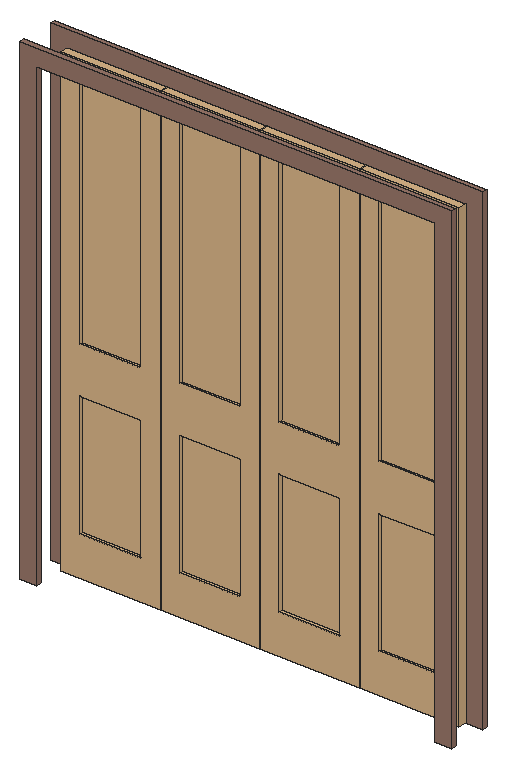
Revit family
Parameters (values of type "1830 x 2134mm")
  Thickness = 44 mm
  Assembly Code = ""
  Description = ""
  문 재료 = 문 - 패널
  프레임 재료 = 문 - 프레임
  Height = 2134 mm
  자르기 폭 = 76 mm
  Wall Closure = (empty or 0)
  Width = 1830 mm
Types (4, lengths in mm): name | Height | Width
  1220 x 2134mm | 2134 | 1220
  1525 x 2134mm | 2134 | 1525
  1830 x 2134mm | 2134 | 1830
  1830 x 2032mm | 2032 | 1830
Reference planes
  plane 1: y = 0
  plane 2 "중심": x = 0
  plane 3 "왼쪽": x = -915
  plane 4 "오른쪽": x = 915
  plane 5 "상단": z = 2134
  plane 6: x = -457.5
  plane 7: x = 457.5
  plane 8: z = 1067
  plane 9: x = -508.3
  plane 10: x = -101.6
  plane 11: y = 76.2
  plane 12: x = 101.6
  plane 13: x = 508.3
  plane 14: y = 38.1
  plane 15: y = -101.6
  plane 16: y = -76.2
  plane 17: y = 101.6
  plane 18: z = 184.15
  plane 19: z = 2051.45
  plane 20: z = 749.3
  plane 21: z = 965.2
  plane 22: x = 826.1
  plane 23: x = 546.4
  plane 24: x = 88.9
  plane 25: x = 368.6
  plane 26: x = -88.9
  plane 27: x = -368.6
  plane 28: x = -546.4
  plane 29: x = -826.1
  plane 30: y = 63.5
  plane 31: y = 50.8
Forms (mm)
  Extrusion 1, solid, material "문 - 패널" <- "문 재료"
    sketch origin (-1524, 76.2, 0) x (-1, 0, 0) y (0, 0, 1)
      loop
        line (-2439, 0) -> (-1981.5, 0) -> (-1981.5, 2134) -> (-2439, 2134) -> (-2439, 0)
      loop
        line (-2350.1, 2051.45) -> (-2350.1, 965.2) -> (-2070.4, 965.2) -> (-2070.4, 2051.45) -> (-2350.1, 2051.45)
      loop
        line (-2350.1, 749.3) -> (-2350.1, 184.15) -> (-2070.4, 184.15) -> (-2070.4, 749.3) -> (-2350.1, 749.3)
    from 0 to -38.1
  Extrusion 2, solid, material "문 - 패널" <- "문 재료"
    sketch origin (-1524, 76.2, 0) x (-1, 0, 0) y (0, 0, 1)
      loop
        line (-1981.5, 0) -> (-1524, 0) -> (-1524, 2134) -> (-1981.5, 2134) -> (-1981.5, 0)
      loop
        line (-1892.6, 2051.45) -> (-1892.6, 965.2) -> (-1612.9, 965.2) -> (-1612.9, 2051.45) -> (-1892.6, 2051.45)
      loop
        line (-1892.6, 749.3) -> (-1892.6, 184.15) -> (-1612.9, 184.15) -> (-1612.9, 749.3) -> (-1892.6, 749.3)
    from 0 to -38.1
  Extrusion 3, solid, material "문 - 패널" <- "문 재료"
    sketch origin (-1524, 76.2, 0) x (-1, 0, 0) y (0, 0, 1)
      loop
        line (-1524, 0) -> (-1066.5, 0) -> (-1066.5, 2134) -> (-1524, 2134) -> (-1524, 0)
      loop
        line (-1435.1, 2051.45) -> (-1435.1, 965.2) -> (-1155.4, 965.2) -> (-1155.4, 2051.45) -> (-1435.1, 2051.45)
      loop
        line (-1435.1, 749.3) -> (-1435.1, 184.15) -> (-1155.4, 184.15) -> (-1155.4, 749.3) -> (-1435.1, 749.3)
    from 0 to -38.1
  Extrusion 4, solid, material "문 - 패널" <- "문 재료"
    sketch origin (-1524, 76.2, 0) x (-1, 0, 0) y (0, 0, 1)
      loop
        line (-1066.5, 0) -> (-609, 0) -> (-609, 2134) -> (-1066.5, 2134) -> (-1066.5, 0)
      loop
        line (-977.6, 2051.45) -> (-977.6, 965.2) -> (-697.9, 965.2) -> (-697.9, 2051.45) -> (-977.6, 2051.45)
      loop
        line (-977.6, 749.3) -> (-977.6, 184.15) -> (-697.9, 184.15) -> (-697.9, 749.3) -> (-977.6, 749.3)
    from 0 to -38.1
  Extrusion 5, solid, material "문 - 프레임" <- "프레임 재료"
    sketch origin (-1524, 76.2, 0) x (-1, 0, 0) y (0, 0, 1)
      loop
        line (-2515, 2210) -> (-2515, 0) -> (-2439, 0) -> (-2439, 2134) -> (-609, 2134) -> (-609, 0) -> (-533, 0) -> (-533, 2210) -> (-2515, 2210)
    from 0 to 25.4
  Extrusion 6, solid, material "문 - 프레임" <- "프레임 재료"
    sketch origin (-1524, -76.2, 0) x (-1, 0, 0) y (0, 0, -1)
      loop
        line (-2515, -2210) -> (-533, -2210) -> (-533, 0) -> (-609, 0) -> (-609, -2134) -> (-2439, -2134) -> (-2439, 0) -> (-2515, 0) -> (-2515, -2210)
    from 25.4 to 0
  Extrusion 7, solid, material "문 - 패널" <- "문 재료"
    sketch origin (-1524, 76.2, 0) x (-1, 0, 0) y (0, 0, 1)
      loop
        line (-2350.1, 2051.45) -> (-2350.1, 965.2) -> (-2070.4, 965.2) -> (-2070.4, 2051.45) -> (-2350.1, 2051.45)
      loop
        line (-2350.1, 749.3) -> (-2350.1, 184.15) -> (-2070.4, 184.15) -> (-2070.4, 749.3) -> (-2350.1, 749.3)
      loop
        line (-1892.6, 2051.45) -> (-1892.6, 965.2) -> (-1612.9, 965.2) -> (-1612.9, 2051.45) -> (-1892.6, 2051.45)
      loop
        line (-1892.6, 749.3) -> (-1892.6, 184.15) -> (-1612.9, 184.15) -> (-1612.9, 749.3) -> (-1892.6, 749.3)
      loop
        line (-1435.1, 749.3) -> (-1435.1, 184.15) -> (-1155.4, 184.15) -> (-1155.4, 749.3) -> (-1435.1, 749.3)
      loop
        line (-1155.4, 2051.45) -> (-1435.1, 2051.45) -> (-1435.1, 965.2) -> (-1155.4, 965.2) -> (-1155.4, 2051.45)
      loop
        line (-697.9, 2051.45) -> (-977.6, 2051.45) -> (-977.6, 965.2) -> (-697.9, 965.2) -> (-697.9, 2051.45)
      loop
        line (-697.9, 749.3) -> (-977.6, 749.3) -> (-977.6, 184.15) -> (-697.9, 184.15) -> (-697.9, 749.3)
    from -25.4 to -12.7
Lines and regions (mm)
  Opening 1
    outline origin (-2286, -76.2, 0) x (1, 0, 0) y (0, 0, 1)
      loop
        line (1371, 0) -> (3201, 0) -> (3201, 2134) -> (1371, 2134) -> (1371, 0)
  symbolic lines, style "InvisibleLines", detail levels coarse
    curve 1: line (-915, 76.2, 0) -> (-508.3, 289.287, 0)
    curve 2: line (-508.3, 289.287, 0) -> (-101.6, 76.2, 0)
    curve 11: line (508.407, 289.287, 0) -> (912.726, 77.447, 0)
    curve 15: line (508.193, 289.287, 0) -> (101.493, 76.2, 0)
  symbolic lines, style "DoorsPanelProjection"
    curve 3: line (-914.893, 76.002, 0) -> (-528.737, 321.442, 0)
    curve 4: line (-894.456, 43.847, 0) -> (-914.893, 76.002, 0)
    curve 5: line (-508.3, 289.287, 0) -> (-894.456, 43.847, 0)
    curve 6: line (-528.737, 321.442, 0) -> (-508.3, 289.287, 0)
    curve 7: line (-101.707, 76.002, 0) -> (-487.863, 321.442, 0)
    curve 8: line (-122.144, 43.847, 0) -> (-101.707, 76.002, 0)
    curve 9: line (-508.3, 289.287, 0) -> (-122.144, 43.847, 0)
    curve 10: line (-487.863, 321.442, 0) -> (-508.3, 289.287, 0)
    curve 12: line (912.726, 77.447, 0) -> (528.844, 321.442, 0)
    curve 13: line (508.407, 289.287, 0) -> (894.563, 43.847, 0)
    curve 14: line (528.844, 321.442, 0) -> (508.407, 289.287, 0)
    curve 16: line (101.6, 76.002, 0) -> (487.756, 321.442, 0)
    curve 17: line (122.037, 43.847, 0) -> (101.6, 76.002, 0)
    curve 18: line (508.193, 289.287, 0) -> (122.037, 43.847, 0)
    curve 19: line (487.756, 321.442, 0) -> (508.193, 289.287, 0)
    curve 20: line (894.563, 43.847, 0) -> (912.726, 77.447, 0)
  symbolic lines, style "입면도 스윙"
    curve 21: line (0, 0, 2134) -> (-457.5, 0, 1067)
    curve 22: line (-457.5, 0, 1067) -> (0, 0, 0)
    curve 23: line (0, 0, 0) -> (457.5, 0, 1067)
    curve 24: line (0, 0, 2134) -> (457.5, 0, 1067)
    curve 25: line (-457.5, 0, 2134) -> (-915, 0, 1067)
    curve 26: line (-457.5, 0, 0) -> (-915, 0, 1067)
    curve 27: line (457.5, 0, 2134) -> (915, 0, 1067)
    curve 28: line (457.5, 0, 0) -> (915, 0, 1067)
Text (mm)
  text "외부" at (-1490.41, 656.754, 0), in view "바닥 선"
  text "내부" at (-1482.03, -412.535, 0), in view "바닥 선"
  text "외부" at (0, 1019.848, 3124.603), in view "오른쪽"
  text "내부" at (0, -1635.541, 3124.603), in view "오른쪽"
  text "내부" at (0, -787.806, 3124.376), in view "왼쪽"
  text "외부" at (0, 1386.095, 3124.376), in view "왼쪽"
Dimensions and locks
  "Height": host wall to plane 5 "상단"
  "자르기 폭": Extrusion 5 sketch curve to Extrusion 1
  "자르기 폭": Extrusion 5 sketch curve to Extrusion 5 sketch curve
  "자르기 폭": Extrusion 5 sketch curve to Extrusion 4
  "자르기 폭": Extrusion 6 sketch curve to Extrusion 6 sketch curve
  locked: plane 10 to plane 2 "중심" at 101.6
  locked: plane 2 "중심" to plane 12 at 101.6
  "Width": plane 3 "왼쪽" to plane 4 "오른쪽"
  locked: plane 15 to host wall at 25.4
  locked: plane 14 to plane 11 at 38.1
  locked: plane 17 to plane 11 at 25.4
  "자르기 폭": plane 4 "오른쪽" to Extrusion 6 sketch curve
  "자르기 폭": plane 3 "왼쪽" to Extrusion 6 sketch curve
  equal spacing: plane 3 "왼쪽", plane 9, plane 10
  equal spacing: plane 12, plane 13, plane 4 "오른쪽"
  equal spacing: plane 3 "왼쪽", plane 6, plane 2 "중심", plane 7, plane 4 "오른쪽"
  level to plane 18 to plane 20 to plane 21 = 184.15 mm, 565.15 mm, 215.9 mm
  plane 19 to plane 5 "상단" = 82.55 mm
  plane 4 "오른쪽" to plane 22 = 88.9 mm
  plane 23 to plane 7 = 88.9 mm
  plane 7 to plane 25 = 88.9 mm
  plane 24 to plane 2 "중심" = 88.9 mm
  plane 2 "중심" to plane 26 = 88.9 mm
  plane 27 to plane 6 = 88.9 mm
  plane 6 to plane 28 = 88.9 mm
  plane 29 to plane 3 "왼쪽" = 88.9 mm
  locked: plane 11 to host wall at 0
  plane 14 to plane 31 to plane 30 to Extrusion 4 = 12.7 mm, 12.7 mm, 12.7 mm
  equal spacing: level, plane 8, plane 5 "상단"
  aligned and locked: plane 3 "왼쪽" to Opening 1 sketch curve
  aligned and locked: plane 5 "상단" to Opening 1 sketch curve  (x2)
  aligned and locked: Opening 1 sketch curve to plane 4 "오른쪽"
  aligned and locked: Opening 1 sketch curve to level
  aligned and locked: Extrusion 5 sketch curve to plane 5 "상단"
  aligned and locked: Extrusion 5 sketch curve to host wall
  aligned and locked: plane 15 to Extrusion 6
  aligned and locked: Extrusion 6 to host wall
  aligned and locked: plane 16 to host wall
  aligned and locked: plane 17 to Extrusion 5
  aligned and locked: Extrusion 5 to host wall
  aligned and locked: Extrusion 7 sketch curve to Extrusion 1  (x3)
  aligned and locked: Extrusion 7 sketch curve to Extrusion 2  (x4)
  aligned and locked: Extrusion 7 sketch curve to Extrusion 3  (x4)
  aligned and locked: Extrusion 7 sketch curve to Extrusion 4  (x2)
  aligned and locked: Extrusion 7 to plane 30
  aligned and locked: plane 31 to Extrusion 7
  aligned and locked: Extrusion 4 to plane 14
  aligned and locked: plane 14 to Extrusion 3
  aligned and locked: plane 14 to Extrusion 2
  aligned and locked: plane 14 to Extrusion 1
Automatic sketch dimensions
  Extrusion 5 sketch curve to level = 0 mm  (x2)
  Extrusion 5 sketch curve to plane 3 "왼쪽" = 0 mm
  Extrusion 6 sketch curve to level = 0 mm  (x2)
  Extrusion 6 sketch curve to plane 4 "오른쪽" = 0 mm
  Extrusion 6 sketch curve to plane 3 "왼쪽" = 0 mm
  Extrusion 6 sketch curve to plane 5 "상단" = 0 mm
  Extrusion 1 sketch curve to level = 0 mm
  Extrusion 1 sketch curve to plane 4 "오른쪽" = 0 mm
  Extrusion 1 sketch curve to plane 20 = 0 mm
  Extrusion 1 sketch curve to plane 22 = 0 mm  (x2)
  Extrusion 1 sketch curve to plane 18 = 0 mm
  Extrusion 1 sketch curve to plane 19 = 0 mm
  Extrusion 1 sketch curve to plane 23 = 0 mm  (x2)
  Extrusion 1 sketch curve to plane 7 = 0 mm
  Extrusion 1 sketch curve to plane 21 = 0 mm
  Extrusion 1 sketch curve to plane 5 "상단" = 0 mm
  Extrusion 2 sketch curve to level = 0 mm
  Extrusion 2 sketch curve to plane 7 = 0 mm
  Extrusion 2 sketch curve to plane 2 "중심" = 0 mm
  Extrusion 2 sketch curve to plane 5 "상단" = 0 mm
  Extrusion 3 sketch curve to level = 0 mm
  Extrusion 3 sketch curve to plane 2 "중심" = 0 mm
  Extrusion 3 sketch curve to plane 6 = 0 mm
  Extrusion 3 sketch curve to plane 5 "상단" = 0 mm
  Extrusion 4 sketch curve to level = 0 mm
  Extrusion 4 sketch curve to plane 6 = 0 mm
  Extrusion 4 sketch curve to plane 21 = 0 mm
  Extrusion 4 sketch curve to plane 28 = 0 mm  (x2)
  Extrusion 4 sketch curve to plane 19 = 0 mm
  Extrusion 4 sketch curve to plane 29 = 0 mm  (x2)
  Extrusion 4 sketch curve to plane 3 "왼쪽" = 0 mm
  Extrusion 4 sketch curve to plane 5 "상단" = 0 mm
  Extrusion 7 sketch curve to plane 18 = 0 mm  (x4)
  Extrusion 7 sketch curve to plane 28 = 0 mm  (x2)
  Extrusion 7 sketch curve to plane 29 = 0 mm  (x2)
  Extrusion 7 sketch curve to plane 20 = 0 mm  (x4)
  Extrusion 2 sketch curve to plane 18 = 0 mm
  Extrusion 2 sketch curve to plane 25 = 0 mm  (x2)
  Extrusion 2 sketch curve to plane 20 = 0 mm
  Extrusion 2 sketch curve to plane 24 = 0 mm  (x2)
  Extrusion 2 sketch curve to plane 21 = 0 mm
  Extrusion 3 sketch curve to plane 18 = 0 mm
  Extrusion 3 sketch curve to plane 26 = 0 mm  (x2)
  Extrusion 3 sketch curve to plane 20 = 0 mm
  Extrusion 3 sketch curve to plane 27 = 0 mm  (x2)
  Extrusion 3 sketch curve to plane 21 = 0 mm
  Extrusion 4 sketch curve to plane 18 = 0 mm
  Extrusion 4 sketch curve to plane 20 = 0 mm
  Extrusion 7 sketch curve to plane 19 = 0 mm
  Extrusion 7 sketch curve to plane 22 = 0 mm
  Extrusion 7 sketch curve to plane 21 = 0 mm
  Extrusion 2 sketch curve to plane 19 = 0 mm
  Extrusion 7 sketch curve to plane 25 = 0 mm
  Extrusion 7 sketch curve to plane 24 = 0 mm
  Extrusion 3 sketch curve to plane 19 = 0 mm
  Extrusion 7 sketch curve to plane 26 = 0 mm
  Extrusion 7 sketch curve to plane 27 = 0 mm
  curve 1 to host wall = 0 mm
  curve 1 to plane 3 "왼쪽" = 0 mm
  curve 5 to plane 9 = 0 mm
  curve 2 to host wall = 0 mm
  curve 2 to plane 10 = 0 mm
  curve 15 to host wall = 0 mm
  curve 16 to plane 12 = 0 mm
  curve 4 to plane 3 "왼쪽" = 0.107 mm
  curve 5 to plane 14 = 5.747 mm
  curve 5 to plane 3 "왼쪽" = 20.544 mm
  curve 7 to plane 9 = 20.437 mm
  curve 9 to plane 14 = 5.747 mm
  plane 10 to curve 9 = 20.544 mm
  plane 12 to curve 15 = 0.107 mm
  curve 18 to plane 14 = 5.747 mm
  curve 18 to plane 12 = 20.437 mm
  plane 13 to curve 19 = 20.544 mm
  curve 13 to plane 13 = 0.107 mm
  curve 12 to plane 23 = 17.556 mm
  curve 20 to plane 14 = 5.747 mm
  plane 4 "오른쪽" to curve 20 = 20.437 mm
  curve 13 to plane 14 = 5.747 mm
  curve 13 to curve 20 = 0 mm
  host wall to curve 11 = 1.247 mm
  plane 4 "오른쪽" to curve 11 = 2.274 mm
  curve 20 to curve 11 = 0 mm  (x2)
  curve 4 to host wall = 0.198 mm
  curve 16 to host wall = 0.198 mm
  curve 25 to plane 5 "상단" = 0 mm
  curve 21 to plane 2 "중심" = 0 mm
  curve 21 to plane 5 "상단" = 0 mm
  curve 27 to plane 5 "상단" = 0 mm
  curve 25 to plane 3 "왼쪽" = 0 mm
  curve 25 to plane 8 = 0 mm
  curve 23 to plane 7 = 0 mm
  curve 23 to plane 8 = 0 mm
  curve 21 to plane 6 = 0 mm
  curve 21 to plane 8 = 0 mm
  curve 27 to plane 4 "오른쪽" = 0 mm
  curve 28 to plane 8 = 0 mm
  curve 22 to level = 0 mm
  curve 28 to level = 0 mm
  curve 26 to level = 0 mm
  curve 25 to plane 6 = 0 mm
  curve 26 to plane 6 = 0 mm
  curve 22 to plane 2 "중심" = 0 mm
  curve 27 to plane 7 = 0 mm
  curve 28 to plane 7 = 0 mm
